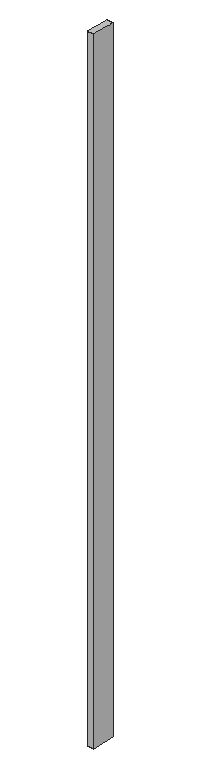
Revit family "Haworth_EncloseFrameless_Accessories_WallEnd", category Furniture Systems, Revit 2018
Family settings
  Round Connector Dimension = Use Diameter
  Part Type = Normal
  OmniClass Number = 23.25.40.14
  OmniClass Title = Demountable Partitions
  Work Plane-Based = No
  Always vertical = Yes
  Cut with Voids When Loaded = No
  Shared = No
  Room Calculation Point = No
Parameters (values of type "Low Profile")
  Warranty = "http://www.haworth.com/resources/product-info/warranties"
  URL - Product = "http://www.haworth.com/products/architectural-interiors/moveable-walls/enclose"
  Type Comments = ""
  Sustainability Info = "http://www.haworth.com/company-info/sustainablility"
  Model = "Haworth - Enclose"  # constant formula
  Min/Max Height = "84-144 in."  # constant formula
  Min. Height = 84"  # constant formula
  Max. Height = 144"  # constant formula
  Material Options = "http://surfaces.haworth.com/"
  Width = 0.875"
  URL = "www.haworth.com"
  Revision Number = "3"  # constant formula
  Manufacturer = "Haworth"  # constant formula
  Height = 108"
  Frame Finish = Haworth _ Metal _ Brushed Aluminum
  End of Run Module = yes
  Description = "Frameless - Accessories - Wall End"  # constant formula
  Depth = 4"  # constant formula
  Centerline Module Intersection = not(End of Run Module)  # no
  Author = "SHAPE Environments, LLC"  # constant formula
  Assembly Code = "C1010200"
  Actual Height = if(Height < Min. Height, Min. Height, if(Height > Max. Height, Max. Height, Height))  # 108"
Types (3): name | Width | Frame Finish | End of Run Module | Centerline Module Intersection
  Centerline Module | 1.845" | Haworth _ Metal _ Brushed Aluminum | no | yes
  Centerline Module_90 | 0.155" | Haworth _ Polymer _ Black | no | yes
  Low Profile | 0.875" | Haworth _ Metal _ Brushed Aluminum | yes | no
Reference planes (in)
  plane 1 "Center F/B": y = 0.61031
  plane 2: z = 0
  plane 3 "Center L/R": x = 1.1802
  plane 4: y = 2.61031
  plane 5: y = -1.38969
  plane 6: x = 2.0552
  plane 7 "Top": z = 108
Forms (in)
  Extrusion 1, solid, material "Haworth _ Metal _ Brushed Aluminum" <- "Frame Finish", visible <- "End of Run Module"
    sketch origin (0, 0, 0) x (1, 0, 0) y (0, 1, 0)
      loop
        line (2.0552, 2.61031) -> (1.1802, 2.61031) -> (1.1802, 2.41531) -> (1.0252, 2.41531) -> (1.0252, -1.19469) -> (1.1802, -1.19469) -> (1.1802, -1.38969) -> (2.0552, -1.38969) -> (2.0552, 2.61031)
    from 0 to 108
  Extrusion 2, solid, material "Haworth _ Metal _ Brushed Aluminum" <- "Frame Finish", visible <- "Centerline Module Intersection"
    sketch origin (0, 0, 0) x (1, 0, 0) y (0, 1, 0)
      loop
        line (1.1802, 2.41531) -> (1.1802, -1.19469) -> (1.3352, -1.19469) -> (1.3352, 2.41531) -> (1.1802, 2.41531)
    from 0 to 108
Dimensions and locks (in)
  "Width": plane 3 "Center L/R" to plane 6
  "Depth": plane 4 to plane 5
  equal spacing: plane 4, plane 1 "Center F/B", plane 5
  "Height": plane 7 "Top" to plane 2
  "Actual Height": plane 7 "Top" to level
  locked: plane 4 to Extrusion 1 sketch curve at 0.195
  locked: Extrusion 1 sketch curve to Extrusion 1 sketch curve at 0.195
  locked: Extrusion 1 sketch curve to Extrusion 1 sketch curve at 0.155
  locked: plane 4 to Extrusion 2 sketch curve at 0.195
  locked: Extrusion 2 sketch curve to plane 5 at 0.195
  locked: plane 3 "Center L/R" to Extrusion 2 sketch curve at 0.155
  aligned: plane 4 to Extrusion 1
  aligned: Extrusion 1 to plane 5
  aligned: Extrusion 1 to plane 3 "Center L/R"
  aligned and locked: plane 4 to Extrusion 1 sketch curve
  aligned and locked: Extrusion 1 sketch curve to plane 3 "Center L/R"  (x2)
  aligned and locked: Extrusion 1 sketch curve to plane 5
  aligned and locked: plane 6 to Extrusion 1 sketch curve
  aligned and locked: plane 3 "Center L/R" to Extrusion 2 sketch curve
  aligned and locked: plane 7 "Top" to Extrusion 2
  aligned and locked: plane 7 "Top" to Extrusion 1
